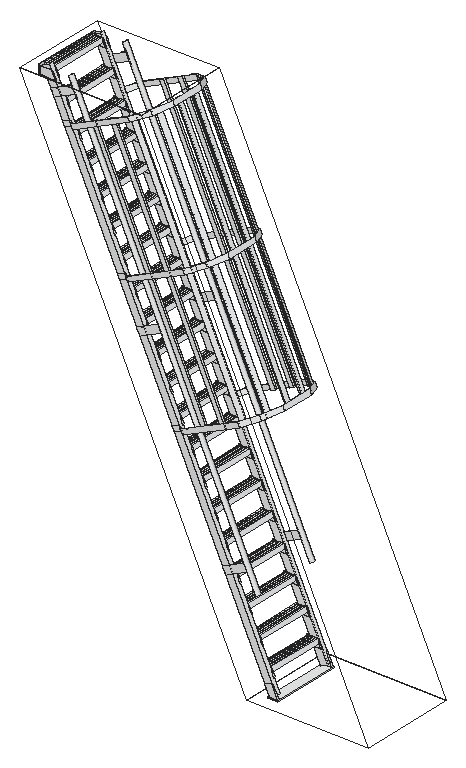
Revit family "Ladder_Step_Kattsafe", category Specialty Equipment, Revit 2025
Family settings
  Round Connector Dimension = Use Diameter
  Part Type = Normal
  OmniClass Number = 23.17.23.15
  Work Plane-Based = No
  Enable Cutting in Views = No
  Always vertical = Yes
  Cut with Voids When Loaded = No
  Maintain Annotation Orientation = No
  Shared = No
  Room Calculation Point = No
Parameters (values of type "5.0m Height (ST570M.5000)")
  Uniclass2015Version = "Products v1.23"
  Uniclass2015Title = "Step-over ladders"
  Uniclass2015Code = "Pr_25_30_85_85"
  URL = "https://kattsafe.com.au/"
  Type IFC Predefined Type = "USERDEFINED"
  Type Comments = "Modular Step Ladder - No Platform - 5000mm Height"
  TreadCountValid [instance] = if(DesiredLadderHeight < 600 mm, 2, ManufacturerOverallHeight / DesiredStepHeightValid)  # 20
  StileInternalWidth = 609 mm  # constant formula
  ShowLockableDoorValid [instance] = and(ShowLockableDoor, ManufacturerOverallHeight > 2999 mm)  # no
  ShowLockableDoor [instance] = no
  ShowCageValid [instance] = and(ShowCage, not(ManufacturerOverallHeight < 3200 mm))  # yes
  ShowCage [instance] = yes
  SafetyDisclaimer [instance] = "WARNING! The correct placement of access, fall protection and facade maintenance systems is critical to ensure it is fit-for-purpose and safe for the operator to use. Did you know Kattsafe® have a dedicated team of Height Safety System Design Specialists? Kattsafe® provide one-on-one consultation and system design assistance to ensure you are meeting the stringent requirements of height safety and to give you PEACE OF MIND with your project."  # constant formula
  RequiredSpace [instance] = yes
  ModifiedIssue = 20240430
  Model = if(ManufacturerOverallHeight < 1001 mm, "ST570M.1000", if(ManufacturerOverallHeight < 2001 mm, "ST570M.2000", if(ManufacturerOverallHeight < 3001 mm, "ST570M.3000", if(ManufacturerOverallHeight < 4001 mm, "ST570M.4000", if(ManufacturerOverallHeight < 5001 mm, "ST570M.5000", "ST570M.6000")))))  # "ST570M.5000"
  MidCageLoop [instance] = and(ShowCageValid, CageLength > 1800 mm)  # yes
  Material = Aluminum_Kattsafe_Satin
  ManufacturerURLProductSpecific = "https://kattsafe.com.au/products/step-ladders/step-ladder-range/ST570M"
  ManufacturerSpecCode = Model  # "ST570M.5000"
  ManufacturerOverallWidth = if(1 = 1, (ManufacturerOverallHeight / tan(65.00°)) + 15 mm + 94.2 mm + 16.4 mm, 0 mm)  # 2457.138 mm
  ManufacturerOverallHeight = if(DesiredLadderHeight < 500 mm, 500 mm, if(DesiredLadderHeight > 6000 mm, 6000 mm, DesiredLadderHeight))  # 5000 mm
  ManufacturerOverallDepth [instance] = if(ShowCageValid, 896 mm, 753 mm)  # 896 mm
  ManufacturerHeightFromFFL [instance] = 0 mm
  Manufacturer = "Kattsafe®"  # constant formula
  LockableDoorTreadCount [instance] = (2215 mm / ActualStepHeight) - 1  # 8
  LockableDoorBottomOffset [instance] = if((((ActualStepHeight * LockableDoorTreadCount)) / sin(65.00°)) - 2176 mm + 1.3 mm < 0 mm, ((ActualStepHeight * (LockableDoorTreadCount + 1)) / sin(65.00°)) - 2176 mm + 1.3 mm, (((ActualStepHeight * LockableDoorTreadCount)) / sin(65.00°)) - 2176 mm + 1.3 mm)  # 32.056 mm
  IfcExportType = "USERDEFINED"
  IfcExportAs = "IfcBuildingElementProxy"
  HandrailTopOffset = if(ManufacturerOverallHeight > 599 mm, 110 mm, 50 mm)  # 110 mm
  HandrailLength = if((ManufacturerOverallHeight / sin(65.00°)) - 110 mm - ((900 mm / sin(65.00°))) + (259.5 mm / tan(65.00°)) < 600 mm, 600 mm, (ManufacturerOverallHeight / sin(65.00°)) - 110 mm - (900 mm / sin(65.00°)) + (259.5 mm / tan(65.00°)))  # 4534.856 mm
  Export Type to IFC As = "IfcBuildingElementProxy"
  ElementType = "Ladder"
  DesiredStepHeight [instance] = 250 mm
  DesiredLadderHeight = 5000 mm
  Description = "Kattsafe steps provide safe and easy access to varying heights including roof areas, service platforms and other elevated areas where frequent access is required. Manufactured to Australian Standard AS/NZS 1657:2018 which ensures a high level of safety and confidence for maintenance personnel. Available in single and double configurations"  # constant formula
  Default Elevation = 0 mm
  CreatedByURL = "https://igsgroup.com.au"
  CreatedBy = "IGS BIM Solutions"  # constant formula
  CageLength = if((ManufacturerOverallHeight / sin(65.00°)) - 490 mm - (2100 mm / sin(65.00°)) < 100 mm, 100 mm, (ManufacturerOverallHeight / sin(65.00°)) - 490 mm - (2100 mm / sin(65.00°)))  # 2709.796 mm
  BottomTreadRightOffset [instance] = (ActualStepHeight - 6 mm) / tan(65.00°)  # 113.779 mm
  DesiredStepHeightValid [instance] = if(DesiredStepHeight < 200 mm, 200 mm, if(DesiredStepHeight > 300 mm, 300 mm, DesiredStepHeight))  # 250 mm
  Assembly Code = "E1090100"
  AngledHandrailLengthValid = (HandrailLength * cos(65.00°)) + 33 mm  # 1949.513 mm
  ActualStepHeight [instance] = if(ManufacturerOverallHeight / TreadCountValid < 200 mm, 200 mm, if(ManufacturerOverallHeight / TreadCountValid > 300 mm, 300 mm, ManufacturerOverallHeight / TreadCountValid))  # 250 mm
Reference planes
  plane 1 "Center (Front/Back)": y = 0
  plane 2 "Ref. Level": z = 0
  plane 3 "Center (Left/Right)": x = 928.569
  plane 4 "Back": y = 448
  plane 5 "Front": y = -448
  plane 6 "Right": x = 2157.138
  plane 7 "Left": x = -300
  plane 8 "Bottom": z = 0
  plane 9 "Centre (Elevation)": z = 2500
  plane 10 "Top": z = 5000
  plane 11 "BasePlateLeft": x = 2057.138
  plane 12 "BasePlateFront": y = -358
  plane 13 "BasePlateBack": y = 358
  plane 14 "BasePlateTop": z = 6
  plane 15 "BaseTabBack": y = 350
  plane 16 "BackStileExternal": y = 344
  plane 17 "BaseTabFront": y = -350
  plane 18 "FrontStileExternal": y = -344
  plane 19 "StileLeft": x = 2062.968
  plane 20 "StileRight": x = 2151.238
  plane 21 "BottomTreadTop": z = 250
  plane 22 "BottomTreadRight": x = 2037.459
  plane 23 "TopTreadRight": x = -177.5
  plane 24 "TopOffset": z = 4986
  plane 25 "CageFrameOffset": z = 4906
  plane 26 "CageFrameMaskReference": z = 4900
  plane 27 "HandrailBack": y = 347
  plane 28 "HandrailFront": y = -347
  plane 29 "StileBackTop": x = -265.772
  plane 30 "ClearanceBack": y = 498
  plane 31 "ClearanceFront": y = -498
  plane 32 "LockableDoorMask": z = 4800
  plane 33 "CageFrameMask": z = 4900
  plane 34 "CageMaskHoop1": z = 4910
  plane 35 "CageMaskHoop2": z = 4920
  plane 36 "CageMaskHoop3": z = 4930
Forms (mm)
  Extrusion 1, solid, material "Aluminum_Kattsafe_Satin" <- "Material"
    sketch origin (0, 0, 0) x (1, 0, 0) y (0, 1, 0)
      loop
        line (2057.138, 358) -> (2057.138, -358) -> (2157.138, -358) -> (2157.138, 358) -> (2057.138, 358)
    from 0 to 6
  Extrusion 2, solid, material "Aluminum_Kattsafe_Satin" <- "Material"
    sketch origin (0, 0, 0) x (1, 0, 0) y (0, 0, 1)
      loop
        line (2151.238, 6) -> (2087.846, 141.946) -> (2015.341, 108.137) -> (2062.968, 6) -> (2151.238, 6)
    from 344 to 350
  Extrusion 3, solid, material "Aluminum_Kattsafe_Satin" <- "Material"
    sketch origin (0, 460, 0) x (1, 0, 0) y (0, 0, 1)
      loop
        line (2151.238, 6) -> (2087.846, 141.946) -> (2015.341, 108.137) -> (2062.968, 6) -> (2151.238, 6)
    from 110 to 116
  Sweep 4, solid, material "Aluminum_Kattsafe_Satin" <- "Material"
    path origin (251.435, 0, -161.625) x (1, 0, 0) y (0, 0, 1)
      loop
        line (1811.533, 167.625) -> (-517.208, 5161.625)
    profile origin (898.598, 0, 2503) x (-0.906308, 0, -0.422618) y (0, -1, 0)
      loop
        line (-80, 304.5) -> (0, 304.5) -> (0, 343) -> (-80, 343) -> (-80, 304.5)
  Sweep 5, solid, material "Aluminum_Kattsafe_Satin" <- "Material"
    path origin (251.435, 0, -161.625) x (1, 0, 0) y (0, 0, 1)
      loop
        line (1811.533, 167.625) -> (-517.208, 5161.625)
    profile origin (898.598, 0, 2503) x (-0.906308, 0, -0.422618) y (0, -1, 0)
      loop
        line (-80, -343) -> (0, -343) -> (0, -304.5) -> (-80, -304.5) -> (-80, -343)
  Extrusion 6, solid, material "Aluminum_Kattsafe_Satin" <- "Material"
    sketch origin (0, 0, 0) x (1, 0, 0) y (0, 0, 1)
      loop
        line (-300, 5000) -> (-300, 4900) -> (-250, 4900) -> (-250, 4906) -> (-294, 4906) -> (-294, 5000) -> (-300, 5000)
    from -350 to 350
  Extrusion 7, solid, material "Aluminum_Kattsafe_Satin" <- "Material"
    sketch origin (0, 0, 0) x (1, 0, 0) y (0, 0, 1)
      loop
        line (-133.669, 4906) -> (-170.974, 4986) -> (-294, 4986) -> (-294, 4906) -> (-133.669, 4906)
    from 344 to 350
  Extrusion 8, solid, material "Aluminum_Kattsafe_Satin" <- "Material"
    sketch origin (0, 0, 0) x (1, 0, 0) y (0, 0, -1)
      loop
        line (-133.669, -4906) -> (-294, -4906) -> (-294, -4986) -> (-170.974, -4986) -> (-133.669, -4906)
    from 344 to 350
  Extrusion 9, solid, material "RequiredSpace_Kattsafe", visible <- "RequiredSpace"
    sketch origin (0, 0, 0) x (1, 0, 0) y (0, 0, 1)
      loop
        line (1954.038, 0) -> (3202.245, 0) -> (870.707, 5000) -> (-377.5, 5000) -> (1954.038, 0)
    from -498 to 498
Lines and regions (mm)
  Masking region 1
    outline origin (0, 0, 6) x (0, -1, 0) y (1, 0, 0)
      loop
        line (-343, -265.772) -> (-304.5, -265.772) -> (-304.5, 2135.473) -> (-343, 2135.473) -> (-343, -265.772)
      loop
        line (304.5, -265.772) -> (343, -265.772) -> (343, 2135.473) -> (304.5, 2135.473) -> (304.5, -265.772)
  Masking region 2
    outline origin (0, 0, 0) x (0, -1, 0) y (1, 0, 0)
      loop
        line (-358, 2157.138) -> (-358, 2057.138) -> (358, 2057.138) -> (358, 2157.138) -> (-358, 2157.138)
  Masking region 3, detail levels medium+fine
    outline origin (0, 0, 6) x (0, -1, 0) y (1, 0, 0)
      loop
        line (350, 2015.341) -> (350, 2151.238) -> (344, 2151.238) -> (344, 2015.341) -> (350, 2015.341)
      loop
        line (-350, 2151.238) -> (-350, 2015.341) -> (-344, 2015.341) -> (-344, 2151.238) -> (-350, 2151.238)
  Masking region 4, visible <- "ShowLockableDoorValid"
    outline origin (0, 0, 4800) x (0, -1, 0) y (1, 0, 0)
      loop
        line (300, 1190.152) -> (300, 2175.483) -> (-300, 2175.483) -> (-300, 1190.152) -> (300, 1190.152)
  Masking region 5
    outline origin (0, 0, 0) x (0, -1, 0) y (1, 0, 0)
      loop
        line (-350, -300) -> (350, -300) -> (350, -133.669) -> (344, -133.669) -> (344, -250) -> (-344, -250) -> (-344, -133.669) -> (-350, -133.669) -> (-350, -300)
  Masking region 6
    outline origin (0, 0, 250) x (-1, 0, 0) y (0, -1, 0)
      loop
        line (-15.902, -369.5) -> (-15.902, -350) -> (176.103, -350) -> (176.103, -344) -> (-15.902, -344) -> (-15.902, -324.5) -> (-1965.416, -324.5) -> (-1965.416, -369.5) -> (-15.902, -369.5)
      loop
        line (176.103, 350) -> (-15.902, 350) -> (-15.902, 369.49) -> (-1965.416, 369.49) -> (-1965.416, 324.51) -> (-15.902, 324.51) -> (-15.902, 344) -> (176.103, 344) -> (176.103, 350)
  Masking region 7, visible <- "ShowCageValid"
    outline origin (0, 0, 4910) x (0, -1, 0) y (1, 0, 0)
      loop
        line (-448, 1229.054) -> (-369.5, 1155.034) -> (-369.5, 1184.012) -> (-442, 1252.374) -> (-442, 1813.461) -> (-343.602, 1963.18) -> (-171.407, 2052.358) -> (171.407, 2052.358) -> (343.602, 1963.18) -> (442, 1813.461) -> (442, 1252.374) -> (369.49, 1184.003) -> (369.49, 1155.025) -> (448, 1229.054) -> (448, 1836.036) -> (348, 1988.296) -> (173, 2078.927) -> (-173, 2078.927) -> (-348, 1988.296) -> (-448, 1836.036) -> (-448, 1229.054)
  Masking region 8, visible <- "ShowCageValid"
    outline origin (0, 0, 4930) x (0, -1, 0) y (1, 0, 0)
      loop
        line (-448, 104.975) -> (-369.5, 30.956) -> (-369.5, 59.934) -> (-442, 128.296) -> (-442, 689.383) -> (-343.602, 839.101) -> (-171.407, 928.28) -> (171.407, 928.28) -> (343.602, 839.101) -> (442, 689.383) -> (442, 128.296) -> (369.49, 59.924) -> (369.49, 30.946) -> (448, 104.975) -> (448, 711.958) -> (348, 864.218) -> (173, 954.849) -> (-173, 954.849) -> (-348, 864.218) -> (-448, 711.958) -> (-448, 104.975)
  Masking region 9, visible <- "ShowCageValid"
    outline origin (0, 0, 4900) x (0, -1, 0) y (1, 0, 0)
      loop
        line (-122.5, 2052.358) -> (-122.5, 917.404) -> (-72.5, 917.404) -> (-72.5, 2052.358) -> (-122.5, 2052.358)
      loop
        line (72.5, 2052.358) -> (72.5, 917.404) -> (122.5, 917.404) -> (122.5, 2052.358) -> (72.5, 2052.358)
  Masking region 10, visible <- "MidCageLoop"
    outline origin (0, 0, 4920) x (0, -1, 0) y (1, 0, 0)
      loop
        line (-448, 1273.997) -> (-448, 667.014) -> (-369.5, 592.995) -> (-369.5, 621.973) -> (-442, 690.335) -> (-442, 1251.422) -> (-343.602, 1401.14) -> (-171.407, 1490.319) -> (171.407, 1490.319) -> (343.602, 1401.14) -> (442, 1251.422) -> (442, 690.335) -> (369.49, 621.964) -> (369.49, 592.986) -> (448, 667.014) -> (448, 1273.997) -> (348, 1426.257) -> (173, 1516.888) -> (-173, 1516.888) -> (-348, 1426.257) -> (-448, 1273.997)
  reference lines
    curve 1: line (-265.772, 0, 5000) -> (2062.968, 0, 6)
    curve 2: line (2157.138, 0, 0) -> (2193.391, 0, 16.905)
  symbolic lines, style "Required Space", visible <- "RequiredSpace"
    curve 3: line (-377.5, 0, 5000) -> (1954.038, 0, 0)
    curve 4: line (870.707, 0, 5000) -> (-377.5, 0, 5000)
    curve 5: line (3202.245, 0, 0) -> (870.707, 0, 5000)
    curve 6: line (3202.245, 0, 0) -> (1954.038, 0, 0)
    curve 7: line (928.569, 498, 0) -> (928.569, 498, 5000)
    curve 8: line (928.569, -498, 5000) -> (928.569, -498, 0)
    curve 9: line (928.569, -498, 0) -> (928.569, 498, 0)
    curve 10: line (928.569, -498, 5000) -> (928.569, 498, 5000)
    curve 11: line (3202.245, 498, 0) -> (-300, 498, 0)
    curve 12: line (3202.245, 498, 0) -> (3202.245, -498, 0)
    curve 13: line (3202.245, -498, 0) -> (-300, -498, 0)
    curve 14: line (-300, -498, 0) -> (-300, 498, 0)
  symbolic lines, style "Ladders"
    curve 15: line (-193.268, 304.5, 6) -> (-193.268, 343, 6)
    curve 16: line (-193.268, -343, 6) -> (-193.268, -304.5, 6)
    curve 18: line (-294, -350, 0) -> (-294, 350, 0)
    curve 19: line (-250, -344, 0) -> (-294, -344, 0)
    curve 20: line (-294, 344, 0) -> (-250, 344, 0)
    curve 21: line (15.902, -344, 250) -> (15.902, -350, 250)
    curve 22: line (15.902, 350, 250) -> (15.902, 344, 250)
  symbolic lines, style "Ladders", visible <- "ShowLockableDoorValid"
    curve 17: line (1224.591, 300, 4800) -> (1224.591, -300, 4800)
Text (mm)
  text "Disclaimer:\nDue to ongoing product development and manufacturing \nevolution, product details are subject to change without \nnotice. Please refer to product technical data sheets on \nthe manufacturers website for the most current product \ninformation. Please allow a +/- 5mm manufacturing \ntolerance for dimensions and set-outs shown in product \nliterature." at (3135.76, 124.863, 0), in view "Ref. Level"
Dimensions and locks
  equal spacing: plane 7 "Left", plane 3 "Center (Left/Right)", plane 6 "Right"
  "ManufacturerOverallWidth": plane 7 "Left" to plane 6 "Right"
  equal spacing: plane 5 "Front", plane 1 "Center (Front/Back)", plane 4 "Back"
  "ManufacturerOverallDepth": plane 5 "Front" to plane 4 "Back"
  equal spacing: plane 10 "Top", plane 9 "Centre (Elevation)", plane 8 "Bottom"
  "ManufacturerOverallHeight": plane 10 "Top" to plane 8 "Bottom"
  "ManufacturerHeightFromFFL": plane 8 "Bottom" to plane 2 "Ref. Level"
  equal spacing: plane 13 "BasePlateBack", plane 1 "Center (Front/Back)", plane 12 "BasePlateFront"
  locked: plane 13 "BasePlateBack" to plane 12 "BasePlateFront" at 716
  locked: plane 14 "BasePlateTop" to plane 8 "Bottom" at 6
  locked: plane 11 "BasePlateLeft" to plane 6 "Right" at 100
  locked: plane 17 "BaseTabFront" to plane 12 "BasePlateFront" at 8
  locked: plane 18 "FrontStileExternal" to plane 17 "BaseTabFront" at 6
  locked: plane 13 "BasePlateBack" to plane 15 "BaseTabBack" at 8
  locked: plane 15 "BaseTabBack" to plane 16 "BackStileExternal" at 6
  locked: plane 11 "BasePlateLeft" to plane 19 "StileLeft" at 5.83
  locked: plane 6 "Right" to plane 20 "StileRight" at 5.9
  equal spacing: group 2, group 20, group 19, group 18, group 17, group 16, group 15, group 14, group 13, group 12, group 11, group 10, group 9, group 8, group 7, group 6, group 5, group 4, group 3, group 1
  equal spacing: group 1, group 3, group 4, group 5, group 6, group 7, group 8, group 9, group 10, group 11, group 12, group 13, group 14, group 15, group 16, group 17, group 18, group 19, group 20, group 2  (x2)
  "ActualStepHeight": plane 21 "BottomTreadTop" to plane 8 "Bottom"
  "BottomTreadRightOffset": plane 20 "StileRight" to plane 22 "BottomTreadRight"
  Extrusion 6 sketch curve to Extrusion 6 sketch curve to plane 7 "Left" = 44 mm locked, 6 mm locked
  locked: plane 23 "TopTreadRight" to plane 7 "Left" at 122.5
  plane 10 "Top" to plane 24 "TopOffset" to plane 25 "CageFrameOffset" to plane 26 "CageFrameMaskReference" = 14 mm locked, 80 mm locked, 6 mm locked
  locked: Extrusion 7 sketch curve to plane 7 "Left" at 6
  locked: Extrusion 8 sketch curve to plane 7 "Left" at 6
  locked: plane 18 "FrontStileExternal" to plane 28 "HandrailFront" at 3
  locked: plane 27 "HandrailBack" to plane 16 "BackStileExternal" at 3
  locked: plane 29 "StileBackTop" to plane 7 "Left" at 34.228
  locked: plane 4 "Back" to plane 30 "ClearanceBack" at 50
  locked: plane 31 "ClearanceFront" to plane 5 "Front" at 50
  locked: curve 1 to Extrusion 9 sketch curve at 101.26
  locked: curve 1 to Extrusion 9 sketch curve at 1030
  locked: Sweep 4 to nested 5 at 490
  "HandrailTopOffset": Sweep 4 to nested 3
  "LockableDoorBottomOffset": nested 6 to curve 2
  locked: curve 2 to curve 2 at 40
  "HandrailTopOffset": Sweep 4 to nested 4
  "AngledHandrailLengthValid": Masking region 6 sketch curve to Masking region 6 sketch curve  (x2)
  Masking region 6 sketch curve to plane 28 "HandrailFront" to Masking region 6 sketch curve = 22.49 mm locked, 22.49 mm locked
  Masking region 6 sketch curve to plane 27 "HandrailBack" to Masking region 6 sketch curve = 22.5 mm locked, 22.5 mm locked
  locked: plane 33 "CageFrameMask" to plane 32 "LockableDoorMask" at 100
  locked: plane 10 "Top" to plane 33 "CageFrameMask" at 100
  plane 36 "CageMaskHoop3" to plane 35 "CageMaskHoop2" to plane 34 "CageMaskHoop1" to plane 33 "CageFrameMask" = 10 mm locked, 10 mm locked, 10 mm locked
  locked: Extrusion 2 sketch curve to plane 14 "BasePlateTop" (angle 65.00°)  (x2)
  locked: Extrusion 3 sketch curve to plane 14 "BasePlateTop" (angle 65.00°)  (x2)
  locked: Sweep 5 sketch curve to plane 14 "BasePlateTop" (angle 65.00°)
  locked: Sweep 4 sketch curve to plane 14 "BasePlateTop" (angle 65.00°)
  locked: curve 2 to plane 6 "Right" (angle 65.00°)
  aligned and locked: level to plane 2 "Ref. Level"
  aligned and locked: Extrusion 1 sketch curve to plane 6 "Right"
  aligned and locked: plane 11 "BasePlateLeft" to Extrusion 1 sketch curve
  aligned and locked: plane 13 "BasePlateBack" to Extrusion 1 sketch curve
  aligned and locked: Extrusion 1 sketch curve to plane 12 "BasePlateFront"
  aligned and locked: Extrusion 1 to plane 14 "BasePlateTop"
  aligned and locked: plane 8 "Bottom" to Extrusion 1
  aligned and locked: Extrusion 2 sketch curve to plane 14 "BasePlateTop"
  aligned and locked: Extrusion 3 to plane 15 "BaseTabBack"
  aligned and locked: plane 16 "BackStileExternal" to Extrusion 3
  aligned and locked: plane 17 "BaseTabFront" to Extrusion 2
  aligned and locked: Extrusion 2 to plane 18 "FrontStileExternal"
  aligned and locked: Extrusion 3 sketch curve to plane 14 "BasePlateTop"
  aligned and locked: Extrusion 2 sketch curve to Extrusion 3
  aligned and locked: plane 19 "StileLeft" to Sweep 4 sketch curve
  aligned and locked: plane 14 "BasePlateTop" to Sweep 4 sketch curve
  aligned and locked: plane 14 "BasePlateTop" to Sweep 5 sketch curve
  aligned and locked: plane 19 "StileLeft" to Sweep 5 sketch curve
  aligned and locked: nested 1 to plane 21 "BottomTreadTop"
  aligned and locked: nested 1 to plane 22 "BottomTreadRight"
  aligned and locked: nested 2 to plane 10 "Top"
  aligned and locked: plane 23 "TopTreadRight" to nested 2
  aligned and locked: plane 10 "Top" to Sweep 4 sketch curve
  aligned and locked: plane 10 "Top" to Sweep 5 sketch curve
  aligned and locked: plane 10 "Top" to Extrusion 6 sketch curve
  aligned and locked: plane 7 "Left" to Extrusion 6 sketch curve
  aligned and locked: plane 15 "BaseTabBack" to Extrusion 6
  aligned and locked: Extrusion 6 to plane 17 "BaseTabFront"
  aligned and locked: Sweep 4 to Extrusion 7 sketch curve
  aligned and locked: plane 18 "FrontStileExternal" to Extrusion 7
  aligned and locked: Extrusion 7 to plane 17 "BaseTabFront"
  aligned and locked: Extrusion 6 sketch curve to plane 25 "CageFrameOffset"
  aligned and locked: Extrusion 6 sketch curve to plane 26 "CageFrameMaskReference"
  aligned and locked: Extrusion 7 sketch curve to plane 24 "TopOffset"
  aligned and locked: Extrusion 7 sketch curve to plane 25 "CageFrameOffset"
  aligned and locked: Extrusion 8 sketch curve to plane 25 "CageFrameOffset"
  aligned and locked: Extrusion 8 sketch curve to plane 24 "TopOffset"
  aligned and locked: Extrusion 8 to plane 16 "BackStileExternal"
  aligned and locked: plane 15 "BaseTabBack" to Extrusion 8
  aligned and locked: plane 29 "StileBackTop" to curve 1
  aligned and locked: plane 10 "Top" to curve 1
  aligned and locked: plane 19 "StileLeft" to curve 1
  aligned and locked: plane 14 "BasePlateTop" to curve 1
  aligned and locked: nested 4 to plane 27 "HandrailBack"
  aligned and locked: nested 3 to plane 28 "HandrailFront"
  aligned and locked: nested 4 to curve 1
  aligned and locked: nested 3 to curve 1
  aligned and locked: Extrusion 9 sketch curve to plane 8 "Bottom"
  aligned and locked: Extrusion 9 to plane 30 "ClearanceBack"
  aligned and locked: plane 31 "ClearanceFront" to Extrusion 9
  aligned and locked: plane 1 "Center (Front/Back)" to nested 5
  aligned and locked: nested 5 to curve 1
  aligned and locked: plane 1 "Center (Front/Back)" to nested 6
  aligned and locked: plane 8 "Bottom" to curve 2
  aligned and locked: plane 6 "Right" to curve 2
  aligned and locked: curve 3 to Extrusion 9
  aligned and locked: curve 4 to plane 10 "Top"
  aligned and locked: curve 5 to Extrusion 9
  aligned and locked: curve 6 to plane 8 "Bottom"
  aligned and locked: curve 7 to Extrusion 9
  aligned and locked: curve 8 to Extrusion 9
  aligned and locked: plane 8 "Bottom" to curve 9
  aligned and locked: plane 10 "Top" to curve 10
  aligned and locked: curve 12 to Extrusion 9
  aligned and locked: curve 13 to plane 31 "ClearanceFront"
  aligned and locked: Masking region 1 sketch curve to Sweep 5  (x4)
  aligned and locked: Masking region 1 sketch curve to Sweep 4  (x4)
  aligned and locked: curve 15 to Sweep 5
  aligned and locked: curve 16 to Sweep 4
  aligned and locked: Masking region 2 sketch curve to plane 6 "Right"
  aligned and locked: Masking region 2 sketch curve to plane 11 "BasePlateLeft"
  aligned and locked: Masking region 2 sketch curve to Extrusion 1  (x2)
  aligned and locked: Masking region 3 sketch curve to Extrusion 2  (x3)
  aligned and locked: Masking region 3 sketch curve to plane 20 "StileRight"  (x2)
  aligned and locked: Masking region 3 sketch curve to Extrusion 3  (x3)
  aligned and locked: Masking region 4 sketch curve to nested 6  (x2)
  aligned and locked: nested 6 to Masking region 4 sketch curve  (x2)
  aligned and locked: curve 17 to nested 6
  aligned and locked: Masking region 5 sketch curve to plane 7 "Left"
  aligned and locked: Masking region 5 sketch curve to Extrusion 8  (x2)
  aligned and locked: Extrusion 6 to Masking region 5 sketch curve
  aligned and locked: Extrusion 8 to Masking region 5 sketch curve
  aligned and locked: Masking region 5 sketch curve to Extrusion 7  (x3)
  aligned and locked: curve 18 to Extrusion 6
  aligned and locked: Extrusion 7 to curve 19
  aligned and locked: curve 20 to Extrusion 8
  aligned and locked: Extrusion 6 to curve 19
  aligned and locked: Extrusion 6 to curve 20
  aligned and locked: nested 4 to Masking region 6 sketch curve  (x3)
  aligned and locked: nested 3 to Masking region 6 sketch curve  (x3)
  aligned and locked: Masking region 6 sketch curve to nested 4
  aligned and locked: Masking region 6 sketch curve to nested 3
  aligned and locked: Masking region 7 sketch curve to nested 5  (x14)
  aligned and locked: nested 5 to Masking region 7 sketch curve  (x4)
  aligned and locked: Masking region 6 to Masking region 7 sketch curve  (x2)
  aligned and locked: Masking region 8 sketch curve to nested 5  (x14)
  aligned and locked: nested 5 to Masking region 8 sketch curve  (x4)
  aligned and locked: Masking region 6 to Masking region 8 sketch curve  (x2)
  aligned and locked: nested 5 to Masking region 9 sketch curve  (x4)
  aligned and locked: Masking region 9 sketch curve to nested 5  (x4)
  aligned and locked: plane 7 "Left" to curve 14
  aligned and locked: nested 3 to curve 21  (x3)
  aligned and locked: nested 4 to curve 22  (x3)
  aligned and locked: Masking region 10 sketch curve to nested 5  (x14)
  aligned and locked: nested 5 to Masking region 10 sketch curve  (x4)
  aligned and locked: Masking region 10 sketch curve to Masking region 7
  aligned and locked: Masking region 7 to Masking region 10 sketch curve
Automatic sketch dimensions
  Extrusion 2 sketch curve to plane 19 "StileLeft" = 0 mm
  Extrusion 2 sketch curve to plane 20 "StileRight" = 0 mm
  Extrusion 3 sketch curve to plane 19 "StileLeft" = 0 mm
  Extrusion 3 sketch curve to plane 20 "StileRight" = 0 mm
  Extrusion 3 sketch curve to plane 22 "BottomTreadRight" = 22.118 mm
  Sweep 4 sketch curve to profile plane = 0 mm
  profile plane to Sweep 4 sketch curve = 80 mm
  profile plane to Sweep 4 sketch curve = 304.5 mm
  Sweep 4 sketch curve to Sweep 4 sketch curve = 38.5 mm
  Sweep 5 sketch curve to profile plane = 0 mm
  profile plane to Sweep 5 sketch curve = 80 mm
  Sweep 5 sketch curve to profile plane = 343 mm
  Sweep 5 sketch curve to Sweep 5 sketch curve = 38.5 mm
  plane 23 "TopTreadRight" to Extrusion 8 sketch curve = 6.526 mm
  plane 23 "TopTreadRight" to Extrusion 8 sketch curve = 43.831 mm
  Extrusion 9 sketch curve to plane 10 "Top" = 0 mm
  curve 15 to plane 16 "BackStileExternal" = 1 mm
  curve 15 to curve 15 = 38.5 mm
  plane 18 "FrontStileExternal" to curve 16 = 39.5 mm
  plane 18 "FrontStileExternal" to curve 16 = 1 mm
  curve 18 to plane 15 "BaseTabBack" = 0 mm
  curve 19 to plane 18 "FrontStileExternal" = 0 mm
  curve 18 to plane 17 "BaseTabFront" = 0 mm
  curve 17 to plane 16 "BackStileExternal" = 44 mm
  plane 18 "FrontStileExternal" to curve 17 = 44 mm
  plane 30 "ClearanceBack" to curve 11 = 0 mm
  plane 23 "TopTreadRight" to Masking region 6 sketch curve = 1.397 mm  (x2)
Nested families
  nested 1: "Z_Ladder_Kattsafe_Tread" at (2037.459, 0, 250), type "Type 1"
  nested 2: "Z_Ladder_Kattsafe_Tread" at (-177.5, 0, 5000), type "Type 1"
  nested 3: "Z_Ladder_Kattsafe_Handrail" at (-219.284, -347, 4900.306) x (0.4226, 0, -0.9063) z (0.9063, 0, 0.4226), type "Type 1"
    with HandrailBracket3 yes
  nested 4: "Z_Ladder_Kattsafe_Handrail" at (-219.284, 347, 4900.306) x (0.4226, 0, -0.9063) z (0.9063, 0, 0.4226), type "Type 1"
    with HandrailBracket3 yes
  nested 5: "Z_Ladder_Kattsafe_Cage" at (-58.689, 0, 4555.909) x (0.4226, 0, -0.9063) z (0.9063, 0, 0.4226), visible <- "ShowCageValid", type "Type 1"
    with HostOffset 0 mm, CageLoop3 yes
  nested 6: "Z_Ladder_Kattsafe_Lockabledoor" at (1117.647, 0, 2033.247) x (0.4226, 0, -0.9063) z (0.9063, 0, 0.4226), visible <- "ShowLockableDoorValid", type "Type 1"
    with HostOffset 80 mm
  nested 7: "Z_Ladder_Kattsafe_Tread" at (1920.882, 0, 500), type "Type 1"
  nested 8: "Z_Ladder_Kattsafe_Tread" at (1804.306, 0, 750), type "Type 1"
  nested 9: "Z_Ladder_Kattsafe_Tread" at (1687.729, 0, 1000), type "Type 1"
  nested 10: "Z_Ladder_Kattsafe_Tread" at (1571.152, 0, 1250), type "Type 1"
  nested 11: "Z_Ladder_Kattsafe_Tread" at (1454.575, 0, 1500), type "Type 1"
  nested 12: "Z_Ladder_Kattsafe_Tread" at (1337.998, 0, 1750), type "Type 1"
  nested 13: "Z_Ladder_Kattsafe_Tread" at (1221.422, 0, 2000), type "Type 1"
  nested 14: "Z_Ladder_Kattsafe_Tread" at (1104.845, 0, 2250), type "Type 1"
  nested 15: "Z_Ladder_Kattsafe_Tread" at (988.268, 0, 2500), type "Type 1"
  nested 16: "Z_Ladder_Kattsafe_Tread" at (871.691, 0, 2750), type "Type 1"
  nested 17: "Z_Ladder_Kattsafe_Tread" at (755.114, 0, 3000), type "Type 1"
  nested 18: "Z_Ladder_Kattsafe_Tread" at (638.538, 0, 3250), type "Type 1"
  nested 19: "Z_Ladder_Kattsafe_Tread" at (521.961, 0, 3500), type "Type 1"
  nested 20: "Z_Ladder_Kattsafe_Tread" at (405.384, 0, 3750), type "Type 1"
  nested 21: "Z_Ladder_Kattsafe_Tread" at (288.807, 0, 4000), type "Type 1"
  nested 22: "Z_Ladder_Kattsafe_Tread" at (172.23, 0, 4250), type "Type 1"
  nested 23: "Z_Ladder_Kattsafe_Tread" at (55.654, 0, 4500), type "Type 1"
  nested 24: "Z_Ladder_Kattsafe_Tread" at (-60.923, 0, 4750), type "Type 1"
Definition of nested family "Z_Ladder_Kattsafe_Tread"
  Parameters (values of type "Type 1")
    Width = 609 mm
    URL = "https://kattsafe.com.au/"
    Material = none
    Manufacturer = "SAYFA"  # constant formula
    Default Elevation = 0 mm
    CreatedByURL = "https://igsgroup.com.au"
    CreatedBy = "IGS BIM Solutions"  # constant formula
  Reference planes
    plane 1 "Center (Front/Back)": y = 0
    plane 2: z = 0
    plane 3 "Center (Left/Right)": x = 0
    plane 4: y = 304.5
    plane 5: y = -304.5
    plane 6: y = 298.5
    plane 7: y = -298.5
  Forms (mm)
    Extrusion 1, solid, material <- "Material"
      sketch origin (120.882, 38.629, -174.573) x (-1, 0, 0) y (0, 0, 1)
        loop
          line (206.375, 136.673) -> (224.048, 174.573) -> (203.786, 174.573) -> (203.448, 173.848) -> (203.11, 174.573) -> (183.186, 174.573) -> (182.848, 173.848) -> (182.51, 174.573) -> (162.586, 174.573) -> (162.248, 173.848) -> (161.91, 174.573) -> (141.986, 174.573) -> (141.648, 173.848) -> (141.31, 174.573) -> (120.882, 174.573) -> (103.209, 136.673) -> (105.416, 136.673) -> (121.69, 171.573) -> (220.442, 171.573) -> (204.168, 136.673) -> (206.375, 136.673)
      from -337.129 to 259.871
    Extrusion 2, solid, material <- "Material"
      sketch origin (17.673, 0, 0) x (1, 0, 0) y (0, 0, 1)
        loop
          line (-90.706, -80) -> (19.632, -80) -> (-17.673, 0) -> (-128.011, 0) -> (-90.706, -80)
      from 298.5 to 304.5
    Extrusion 3, solid, material <- "Material"
      sketch origin (17.673, 0, 0) x (1, 0, 0) y (0, 0, -1)
        loop
          line (-90.706, 80) -> (-128.011, 0) -> (-17.673, 0) -> (19.632, 80) -> (-90.706, 80)
      from 298.5 to 304.5
  Lines and regions (mm)
    Masking region 1
      outline origin (0, 0, 0) x (1, 0, 0) y (0, 1, 0)
        loop
          line (17.673, 298.5) -> (37.305, 298.5) -> (37.305, 304.5) -> (-110.338, 304.5) -> (-110.338, 298.5) -> (-103.166, 298.5) -> (-103.166, -298.5) -> (-110.338, -298.5) -> (-110.338, -304.5) -> (37.305, -304.5) -> (37.305, -298.5) -> (17.673, -298.5) -> (17.673, 298.5)
    symbolic lines
      curve 1: line (-103.166, 298.5, 0) -> (17.673, 298.5, 0)
      curve 2: line (-103.166, -298.5, 0) -> (17.673, -298.5, 0)
  Dimensions and locks
    equal spacing: plane 4, plane 1 "Center (Front/Back)", plane 5
    "Width": plane 4 to plane 5
    locked: plane 7 to plane 5 at 6
    locked: plane 4 to plane 6 at 6
    aligned and locked: level to plane 2
    aligned and locked: Extrusion 1 sketch curve to Extrusion 1 sketch curve  (x5)
    aligned and locked: Masking region 1 sketch curve to plane 6  (x2)
    aligned and locked: Masking region 1 sketch curve to Extrusion 1
    aligned and locked: Masking region 1 sketch curve to plane 4
    aligned and locked: Masking region 1 sketch curve to plane 5
    aligned and locked: Masking region 1 sketch curve to Extrusion 2  (x2)
    aligned and locked: Masking region 1 sketch curve to plane 7  (x2)
    aligned and locked: Masking region 1 sketch curve to Extrusion 3  (x2)
  Automatic sketch dimensions
    Extrusion 2 sketch curve to level = 0 mm
    Extrusion 2 sketch curve to plane 3 "Center (Left/Right)" = 0 mm
    Extrusion 2 sketch curve to plane 3 "Center (Left/Right)" = 73.033 mm
    Extrusion 2 sketch curve to Extrusion 2 sketch curve = 37.305 mm
    plane 3 "Center (Left/Right)" to Extrusion 2 sketch curve = 37.305 mm
    Extrusion 2 sketch curve to level = 80 mm
    Extrusion 3 sketch curve to level = 0 mm
    Extrusion 3 sketch curve to plane 3 "Center (Left/Right)" = 0 mm
    Extrusion 3 sketch curve to plane 3 "Center (Left/Right)" = 73.033 mm
    Extrusion 3 sketch curve to Extrusion 3 sketch curve = 37.305 mm
    plane 3 "Center (Left/Right)" to Extrusion 3 sketch curve = 37.305 mm
    Extrusion 3 sketch curve to level = 80 mm
    Extrusion 1 sketch curve to plane 3 "Center (Left/Right)" = 0 mm
    plane 3 "Center (Left/Right)" to Extrusion 1 sketch curve = 15.466 mm
    Extrusion 1 sketch curve to Extrusion 1 sketch curve = 2.207 mm  (x2)
    Extrusion 1 sketch curve to plane 3 "Center (Left/Right)" = 0.808 mm
    Extrusion 1 sketch curve to level = 0.725 mm  (x4)
    Extrusion 1 sketch curve to Extrusion 1 sketch curve = 19.958 mm
    Extrusion 1 sketch curve to Extrusion 1 sketch curve = 20.6 mm  (x3)
    Extrusion 1 sketch curve to Extrusion 1 sketch curve = 0.72 mm
    Extrusion 1 sketch curve to Extrusion 1 sketch curve = 0.676 mm  (x4)
    Extrusion 1 sketch curve to level = 3 mm
    Extrusion 1 sketch curve to Extrusion 1 sketch curve = 16.656 mm
    Extrusion 1 sketch curve to Extrusion 1 sketch curve = 3.606 mm
    Extrusion 1 sketch curve to level = 37.9 mm
    Extrusion 1 sketch curve to Extrusion 1 sketch curve = 0.338 mm  (x4)
    Extrusion 1 sketch curve to level = 0 mm  (x2)
    plane 3 "Center (Left/Right)" to Masking region 1 sketch curve = 17.673 mm
    curve 2 to plane 7 = 0 mm
    curve 1 to plane 6 = 0 mm
    curve 2 to plane 3 "Center (Left/Right)" = 103.166 mm
    curve 1 to plane 3 "Center (Left/Right)" = 103.166 mm
    plane 3 "Center (Left/Right)" to curve 2 = 17.673 mm
    plane 3 "Center (Left/Right)" to curve 1 = 17.673 mm
Definition of nested family "Z_Ladder_Kattsafe_Handrail"
  Parameters (values of type "Type 1")
    URL = "https://kattsafe.com.au/"
    TopHandrailExtension = 0 mm
    Material = none
    Manufacturer = "SAYFA"  # constant formula
    Length = 4534.856 mm
    HandrailBracket3 [instance] = (Length - (Bracket1Inset + Bracket2Inset + 220 mm)) > 2000 mm  # yes
    Default Elevation = 1219.2 mm
    CreatedByURL = "https://igsgroup.com.au"
    CreatedBy = "IGS BIM Solutions"  # constant formula
    Bracket2Inset = 200 mm
    Bracket1Inset = 90 mm
  Reference planes
    plane 1 "Center (Front/Back)": y = 0
    plane 2: z = 0
    plane 3 "Left": x = 0
    plane 4 "Right": x = 4534.856
    plane 5: z = 259.5
    plane 6: z = 3.5
    plane 7: z = 256.5
    plane 8: x = 90
    plane 9: x = 170
    plane 10: x = 4254.856
    plane 11: x = 4334.856
    plane 12: x = 2212.428
    plane 13: x = 2172.428
    plane 14: x = 2252.428
    plane 15: x = 0
    plane 16 "BracketBack": y = 16
    plane 17 "BracketFront": y = -16
    plane 18 "Bracket1Left": x = 60
    plane 19 "Bracket1Right": x = 200
    plane 20 "Bracket2Left": x = 4224.856
    plane 21 "Bracket2Right": x = 4364.856
    plane 22 "Bracket3Left": x = 2142.428
    plane 23 "Bracket3Right": x = 2282.428
  Forms (mm)
    Sweep 1, solid, material <- "Material"
      path origin (0, 0, 0) x (1, 0, 0) y (0, 0, 1)
        loop
          line (0, 259.5) -> (4534.856, 259.5)
      profile origin (2267.428, 0, 259.5) x (0, 0, 1) y (0, -1, 0)
        loop
          line (0, 17.4) -> (0, -17.4)
          arc (0, -17.4) -> (36.642, 0) -> (0, 17.4) r 22.452
    Extrusion 2, solid, material <- "Material"
      sketch origin (0, 0, 0) x (1, 0, 0) y (0, 0, 1)
        loop
          line (90, 256.5) -> (90, 9.5)
          arc (90, 9.5) -> (91.757, 5.257) -> (96, 3.5) r 6
          line (96, 3.5) -> (164, 3.5)
          arc (164, 3.5) -> (168.243, 5.257) -> (170, 9.5) r 6
          line (170, 9.5) -> (170, 256.5) -> (90, 256.5)
      from -3 to 3
    Extrusion 3, solid, material <- "Material"
      sketch origin (300, 0, 0) x (1, 0, 0) y (0, 0, 1)
        loop
          line (3954.856, 256.5) -> (3954.856, 9.5)
          arc (3954.856, 9.5) -> (3956.614, 5.257) -> (3960.856, 3.5) r 6
          line (3960.856, 3.5) -> (4028.856, 3.5)
          arc (4028.856, 3.5) -> (4033.099, 5.257) -> (4034.856, 9.5) r 6
          line (4034.856, 9.5) -> (4034.856, 256.5) -> (3954.856, 256.5)
      from -3 to 3
    Extrusion 4, solid, material <- "Material", visible <- "HandrailBracket3"
      sketch origin (-100, 0, 0) x (1, 0, 0) y (0, 0, 1)
        loop
          line (2272.428, 256.5) -> (2272.428, 9.5)
          arc (2272.428, 9.5) -> (2274.186, 5.257) -> (2278.428, 3.5) r 6
          line (2278.428, 3.5) -> (2346.428, 3.5)
          arc (2346.428, 3.5) -> (2350.671, 5.257) -> (2352.428, 9.5) r 6
          line (2352.428, 9.5) -> (2352.428, 256.5) -> (2272.428, 256.5)
      from -3 to 3
    Extrusion 5, solid, material <- "Material"
      sketch origin (0, 0, 0) x (1, 0, 0) y (0, 1, 0)
        loop
          line (60, 16) -> (60, -16) -> (200, -16) -> (200, 16) -> (60, 16)
      from 256.5 to 259.5
    Extrusion 6, solid, material <- "Material"
      sketch origin (0, 0, 0) x (1, 0, 0) y (0, 1, 0)
        loop
          line (4224.856, 16) -> (4224.856, -16) -> (4364.856, -16) -> (4364.856, 16) -> (4224.856, 16)
      from 256.5 to 259.5
    Extrusion 7, solid, material <- "Material", visible <- "HandrailBracket3"
      sketch origin (755.065, 0, 0) x (1, 0, 0) y (0, 1, 0)
        loop
          line (1387.363, 16) -> (1387.363, -16) -> (1527.363, -16) -> (1527.363, 16) -> (1387.363, 16)
      from 256.5 to 259.5
  Dimensions and locks
    "Length": plane 3 "Left" to plane 4 "Right"
    locked: plane 5 to plane 7 at 3
    locked: plane 7 to plane 6 at 253
    "TopHandrailExtension": plane 15 to plane 3 "Left"
    "Bracket1Inset": plane 3 "Left" to plane 8
    locked: plane 8 to plane 9 at 80
    plane 13 to plane 12 to plane 14 = 40 mm locked, 40 mm locked
    locked: plane 10 to plane 11 at 80
    "Bracket2Inset": plane 11 to plane 4 "Right"
    locked: plane 6 to plane 2 at 3.5
    plane 17 "BracketFront" to plane 1 "Center (Front/Back)" to plane 16 "BracketBack" = 16 mm locked, 16 mm locked
    locked: plane 18 "Bracket1Left" to plane 8 at 30
    locked: plane 9 to plane 19 "Bracket1Right" at 30
    locked: plane 11 to plane 21 "Bracket2Right" at 30
    locked: plane 20 "Bracket2Left" to plane 10 at 30
    locked: plane 22 "Bracket3Left" to plane 13 at 30
    locked: plane 14 to plane 23 "Bracket3Right" at 30
    equal spacing: plane 9, plane 12, plane 10
    radius of Extrusion 2 sketch curve = 6 mm  (x2)
    radius of Extrusion 3 sketch curve = 6 mm  (x2)
    radius of Extrusion 4 sketch curve = 6 mm  (x2)
    aligned and locked: level to plane 2
    aligned and locked: Sweep 1 sketch curve to plane 5
    aligned and locked: plane 4 "Right" to Sweep 1 sketch curve
    aligned and locked: Extrusion 2 sketch curve to plane 7
    aligned and locked: Extrusion 2 sketch curve to plane 8
    aligned and locked: Extrusion 2 sketch curve to plane 9
    aligned and locked: Extrusion 2 sketch curve to plane 6
    aligned and locked: plane 6 to Extrusion 3 sketch curve
    aligned and locked: Extrusion 3 sketch curve to plane 11
    aligned and locked: plane 7 to Extrusion 3 sketch curve
    aligned and locked: Extrusion 3 sketch curve to plane 10
    aligned and locked: Extrusion 4 sketch curve to plane 13
    aligned and locked: plane 7 to Extrusion 4 sketch curve
    aligned and locked: Extrusion 4 sketch curve to plane 14
    aligned and locked: plane 6 to Extrusion 4 sketch curve
    aligned and locked: plane 15 to Sweep 1 sketch curve
    aligned and locked: plane 5 to Extrusion 5
    aligned and locked: Extrusion 6 to plane 5
    aligned and locked: plane 7 to Extrusion 6
    aligned and locked: Extrusion 5 to plane 7
    aligned and locked: plane 5 to Extrusion 7
    aligned and locked: plane 7 to Extrusion 7
    aligned and locked: plane 16 "BracketBack" to Extrusion 5
    aligned and locked: Extrusion 7 to plane 16 "BracketBack"
    aligned and locked: Extrusion 6 to plane 16 "BracketBack"
    aligned and locked: Extrusion 5 to plane 17 "BracketFront"
    aligned and locked: plane 17 "BracketFront" to Extrusion 7
    aligned and locked: plane 17 "BracketFront" to Extrusion 6
    aligned and locked: Extrusion 5 to plane 18 "Bracket1Left"
    aligned and locked: plane 19 "Bracket1Right" to Extrusion 5
    aligned and locked: plane 21 "Bracket2Right" to Extrusion 6
    aligned and locked: Extrusion 6 to plane 20 "Bracket2Left"
    aligned and locked: plane 23 "Bracket3Right" to Extrusion 7
    aligned and locked: Extrusion 7 to plane 22 "Bracket3Left"
  Automatic sketch dimensions
    profile plane to Sweep 1 sketch curve = 0 mm
    Sweep 1 sketch curve to profile plane = 0 mm
    Sweep 1 sketch curve to profile plane = 14.189 mm
    Sweep 1 sketch curve to profile plane = 17.4 mm
    plane 1 "Center (Front/Back)" to Extrusion 5 sketch curve = 16 mm
    Extrusion 5 sketch curve to plane 8 = 30 mm
    plane 9 to Extrusion 5 sketch curve = 30 mm
    Extrusion 5 sketch curve to plane 1 "Center (Front/Back)" = 16 mm
    plane 1 "Center (Front/Back)" to Extrusion 6 sketch curve = 16 mm
    Extrusion 6 sketch curve to plane 10 = 30 mm
    plane 11 to Extrusion 6 sketch curve = 30 mm
    Extrusion 6 sketch curve to plane 1 "Center (Front/Back)" = 16 mm
    plane 1 "Center (Front/Back)" to Extrusion 7 sketch curve = 16 mm
    Extrusion 7 sketch curve to plane 13 = 30 mm
    plane 13 to Extrusion 7 sketch curve = 110 mm
    Extrusion 7 sketch curve to plane 1 "Center (Front/Back)" = 16 mm
Definition of nested family "Z_Ladder_Kattsafe_Cage"
  Parameters (values of type "Type 1")
    URL = "https://kattsafe.com.au/"
    TopCageExtension = 0 mm
    Material = none
    Manufacturer = "SAYFA"  # constant formula
    Length = 2709.796 mm
    HostOffset [instance] = 0 mm
    CageLoop3 [instance] = Length > 1800 mm  # yes
    Default Elevation = 1219.2 mm
    CreatedByURL = "https://igsgroup.com.au"
    CreatedBy = "IGS BIM Solutions"  # constant formula
  Reference planes
    plane 1 "Center (Front/Back)": y = 0
    plane 2: z = 0
    plane 3 "Left": x = 0
    plane 4 "Right": x = 2709.796
    plane 5: z = 0
    plane 6: x = 0
    plane 7 "Top": z = 1095
    plane 8 "Back": y = 448
    plane 9 "LadderFront": y = -343
    plane 10 "LadderBack": y = 343
    plane 11 "Front": y = -448
    plane 12: y = 442
    plane 13: y = -442
    plane 14: y = 430
    plane 15: y = -430
    plane 16: z = 1089
    plane 17: z = 1077
    plane 18: z = 409
    plane 19: z = 459
    plane 20: z = 619
    plane 21: z = 669
    plane 22: y = 122.5
    plane 23: y = 72.5
    plane 24: y = -72.5
    plane 25: y = -122.5
    plane 26 "Loop1Right": x = 50
    plane 27 "Loop2Left": x = 2659.796
    plane 28: x = 1354.898
    plane 29: x = 1329.898
    plane 30: x = 1379.898
  Forms (mm)
    Extrusion 1, solid, material <- "Material"
      sketch origin (0, 0, 0) x (0, 1, 0) y (0, 0, 1)
        loop
          line (349, 0) -> (349, 77.584) -> (448, 180.584) -> (448, 827) -> (348, 995) -> (173, 1095) -> (-173, 1095) -> (-348, 995) -> (-448, 827) -> (-448, 180.584) -> (-349, 77.584) -> (-349, 0) -> (-343, 0) -> (-343, 80) -> (-442, 183) -> (-442, 825.407) -> (-343.602, 990.602) -> (-171.407, 1089) -> (171.407, 1089) -> (343.602, 990.602) -> (442, 825.407) -> (442, 183) -> (343, 80) -> (343, 0) -> (349, 0)
      from 0 to 50
    Extrusion 2, solid, material <- "Material"
      sketch origin (0, 0, 0) x (0, 1, 0) y (0, 0, 1)
        loop
          line (442, 459) -> (430, 459) -> (430, 409) -> (442, 409) -> (442, 459)
        loop
          line (442, 669) -> (430, 669) -> (430, 619) -> (442, 619) -> (442, 669)
        loop
          line (122.5, 1089) -> (72.5, 1089) -> (72.5, 1077) -> (122.5, 1077) -> (122.5, 1089)
        loop
          line (-72.5, 1089) -> (-122.5, 1089) -> (-122.5, 1077) -> (-72.5, 1077) -> (-72.5, 1089)
        loop
          line (-430, 669) -> (-442, 669) -> (-442, 619) -> (-430, 619) -> (-430, 669)
        loop
          line (-430, 459) -> (-442, 459) -> (-442, 409) -> (-430, 409) -> (-430, 459)
        loop
          line (410.781, 881.319) -> (400.471, 875.178) -> (426.058, 832.221) -> (436.368, 838.362) -> (410.781, 881.319)
        loop
          line (311.602, 1012.388) -> (268.19, 1037.195) -> (262.236, 1026.777) -> (305.648, 1001.97) -> (311.602, 1012.388)
        loop
          line (-410.781, 881.319) -> (-436.368, 838.362) -> (-426.058, 832.221) -> (-400.471, 875.178) -> (-410.781, 881.319)
        loop
          line (-311.602, 1012.388) -> (-305.648, 1001.97) -> (-262.236, 1026.777) -> (-268.19, 1037.195) -> (-311.602, 1012.388)
      from 0 to 2709.796
    Extrusion 3, solid, material <- "Material"
      sketch origin (1340, 0, 0) x (0, 1, 0) y (0, 0, 1)
        loop
          line (349, 0) -> (349, 77.584) -> (448, 180.584) -> (448, 827) -> (348, 995) -> (173, 1095) -> (-173, 1095) -> (-348, 995) -> (-448, 827) -> (-448, 180.584) -> (-349, 77.584) -> (-349, 0) -> (-343, 0) -> (-343, 80) -> (-442, 183) -> (-442, 825.407) -> (-343.602, 990.602) -> (-171.407, 1089) -> (171.407, 1089) -> (343.602, 990.602) -> (442, 825.407) -> (442, 183) -> (343, 80) -> (343, 0) -> (349, 0)
      from 1319.796 to 1369.796
    Extrusion 4, solid, material <- "Material", visible <- "CageLoop3"
      sketch origin (780, 0, 0) x (0, 1, 0) y (0, 0, 1)
        loop
          line (349, 0) -> (349, 77.584) -> (448, 180.584) -> (448, 827) -> (348, 995) -> (173, 1095) -> (-173, 1095) -> (-348, 995) -> (-448, 827) -> (-448, 180.584) -> (-349, 77.584) -> (-349, 0) -> (-343, 0) -> (-343, 80) -> (-442, 183) -> (-442, 825.407) -> (-343.602, 990.602) -> (-171.407, 1089) -> (171.407, 1089) -> (343.602, 990.602) -> (442, 825.407) -> (442, 183) -> (343, 80) -> (343, 0) -> (349, 0)
      from 549.898 to 599.898
  Dimensions and locks
    "Length": plane 3 "Left" to plane 4 "Right"
    "TopCageExtension": plane 6 to plane 3 "Left"
    "HostOffset": plane 5 to plane 2
    locked: plane 7 "Top" to plane 5 at 1095
    plane 9 "LadderFront" to plane 1 "Center (Front/Back)" = 343 mm
    locked: plane 1 "Center (Front/Back)" to plane 10 "LadderBack" at 343
    locked: plane 10 "LadderBack" to plane 8 "Back" at 105
    locked: plane 11 "Front" to plane 9 "LadderFront" at 105
    locked: plane 12 to plane 14 at 12
    locked: plane 15 to plane 13 at 12
    locked: plane 7 "Top" to plane 16 at 6
    locked: plane 16 to plane 17 at 12
    locked: plane 19 to plane 18 at 50
    locked: plane 18 to plane 5 at 409
    locked: plane 21 to plane 20 at 50
    locked: plane 20 to plane 18 at 210
    locked: plane 22 to plane 1 "Center (Front/Back)" at 122.5
    locked: plane 1 "Center (Front/Back)" to plane 25 at 122.5
    locked: plane 22 to plane 23 at 50
    locked: plane 24 to plane 25 at 50
    locked: plane 26 "Loop1Right" to plane 3 "Left" at 50
    locked: plane 4 "Right" to plane 27 "Loop2Left" at 50
    equal spacing: plane 3 "Left", plane 28, plane 4 "Right"
    locked: plane 30 to plane 29 at 50
    equal spacing: plane 30, plane 28, plane 29
    aligned and locked: level to plane 2
    aligned and locked: plane 5 to Extrusion 1 sketch curve  (x2)
    aligned and locked: plane 10 "LadderBack" to Extrusion 1 sketch curve
    aligned and locked: plane 8 "Back" to Extrusion 1 sketch curve
    aligned and locked: plane 7 "Top" to Extrusion 1 sketch curve
    aligned and locked: Extrusion 1 sketch curve to plane 11 "Front"
    aligned and locked: Extrusion 1 sketch curve to plane 9 "LadderFront"
    aligned and locked: Extrusion 1 sketch curve to plane 12
    aligned and locked: Extrusion 1 sketch curve to plane 13
    aligned and locked: Extrusion 2 sketch curve to plane 12  (x2)
    aligned and locked: plane 13 to Extrusion 2 sketch curve  (x2)
    aligned and locked: Extrusion 2 to plane 14  (x2)
    aligned and locked: plane 15 to Extrusion 2  (x2)
    aligned and locked: plane 16 to Extrusion 2  (x2)
    aligned and locked: Extrusion 2 to plane 17  (x2)
    aligned and locked: Extrusion 1 to plane 3 "Left"
    aligned and locked: Extrusion 2 to plane 6
    aligned and locked: plane 4 "Right" to Extrusion 2
    aligned and locked: plane 18 to Extrusion 2 sketch curve  (x2)
    aligned and locked: Extrusion 2 sketch curve to plane 19  (x2)
    aligned and locked: plane 20 to Extrusion 2 sketch curve  (x2)
    aligned and locked: Extrusion 2 sketch curve to plane 21  (x2)
    aligned and locked: plane 17 to Extrusion 2 sketch curve  (x2)
    aligned and locked: Extrusion 2 sketch curve to plane 16  (x2)
    aligned and locked: plane 22 to Extrusion 2 sketch curve
    aligned and locked: Extrusion 2 sketch curve to plane 23
    aligned and locked: Extrusion 2 sketch curve to plane 25
    aligned and locked: plane 24 to Extrusion 2 sketch curve
    aligned and locked: plane 26 "Loop1Right" to Extrusion 1
    aligned and locked: plane 4 "Right" to Extrusion 3
    aligned and locked: Extrusion 3 to plane 27 "Loop2Left"
    aligned and locked: Extrusion 3 sketch curve to plane 5
    aligned and locked: plane 5 to Extrusion 3 sketch curve
    aligned and locked: Extrusion 3 sketch curve to plane 9 "LadderFront"
    aligned and locked: Extrusion 3 sketch curve to plane 10 "LadderBack"
    aligned and locked: Extrusion 3 sketch curve to plane 8 "Back"
    aligned and locked: Extrusion 3 sketch curve to plane 11 "Front"
    aligned and locked: Extrusion 3 sketch curve to plane 13
    aligned and locked: Extrusion 3 sketch curve to plane 12
    aligned and locked: Extrusion 3 sketch curve to plane 7 "Top"
    aligned and locked: Extrusion 3 sketch curve to plane 16
    aligned and locked: Extrusion 4 to plane 29
    aligned and locked: plane 30 to Extrusion 4
    aligned and locked: Extrusion 4 sketch curve to plane 7 "Top"
    aligned and locked: Extrusion 4 sketch curve to plane 16
    aligned and locked: Extrusion 4 sketch curve to plane 8 "Back"
    aligned and locked: Extrusion 4 sketch curve to plane 12
    aligned and locked: Extrusion 4 sketch curve to plane 13
    aligned and locked: Extrusion 4 sketch curve to plane 11 "Front"
    aligned and locked: Extrusion 4 sketch curve to plane 9 "LadderFront"
    aligned and locked: plane 5 to Extrusion 4 sketch curve
    aligned and locked: Extrusion 4 sketch curve to plane 5
    aligned and locked: Extrusion 4 sketch curve to plane 10 "LadderBack"
  Automatic sketch dimensions
    Extrusion 1 sketch curve to plane 16 = 0 mm
    plane 9 "LadderFront" to Extrusion 1 sketch curve = 6 mm
    plane 9 "LadderFront" to Extrusion 1 sketch curve = 5 mm
    plane 9 "LadderFront" to Extrusion 1 sketch curve = 0.602 mm
    plane 25 to Extrusion 1 sketch curve = 50.5 mm
    Extrusion 1 sketch curve to Extrusion 1 sketch curve = 1.593 mm  (x4)
    Extrusion 1 sketch curve to plane 22 = 48.907 mm
    Extrusion 1 sketch curve to plane 10 "LadderBack" = 0.602 mm
    Extrusion 1 sketch curve to plane 10 "LadderBack" = 5 mm
    Extrusion 1 sketch curve to Extrusion 1 sketch curve = 6 mm
    Extrusion 1 sketch curve to Extrusion 1 sketch curve = 77.584 mm  (x2)
    Extrusion 1 sketch curve to Extrusion 1 sketch curve = 2.416 mm  (x4)
    Extrusion 1 sketch curve to Extrusion 1 sketch curve = 103 mm  (x2)
    plane 21 to Extrusion 1 sketch curve = 156.407 mm  (x2)
    Extrusion 1 sketch curve to plane 17 = 86.398 mm  (x2)
    Extrusion 1 sketch curve to Extrusion 1 sketch curve = 4.398 mm  (x2)
    plane 9 "LadderFront" to Extrusion 3 sketch curve = 6 mm
    plane 9 "LadderFront" to Extrusion 3 sketch curve = 5 mm
    plane 9 "LadderFront" to Extrusion 3 sketch curve = 0.602 mm
    plane 25 to Extrusion 3 sketch curve = 50.5 mm
    Extrusion 3 sketch curve to Extrusion 3 sketch curve = 1.593 mm  (x4)
    Extrusion 3 sketch curve to plane 22 = 48.907 mm
    Extrusion 3 sketch curve to plane 10 "LadderBack" = 0.602 mm
    Extrusion 3 sketch curve to plane 10 "LadderBack" = 5 mm
    Extrusion 3 sketch curve to Extrusion 3 sketch curve = 6 mm
    plane 5 to Extrusion 3 sketch curve = 77.584 mm  (x2)
    Extrusion 3 sketch curve to Extrusion 3 sketch curve = 2.416 mm  (x4)
    Extrusion 3 sketch curve to Extrusion 3 sketch curve = 103 mm  (x2)
    plane 21 to Extrusion 3 sketch curve = 156.407 mm  (x2)
    Extrusion 3 sketch curve to plane 17 = 86.398 mm  (x2)
    Extrusion 3 sketch curve to Extrusion 3 sketch curve = 4.398 mm  (x2)
    plane 9 "LadderFront" to Extrusion 4 sketch curve = 6 mm
    plane 9 "LadderFront" to Extrusion 4 sketch curve = 5 mm
    plane 9 "LadderFront" to Extrusion 4 sketch curve = 0.602 mm
    plane 25 to Extrusion 4 sketch curve = 50.5 mm
    Extrusion 4 sketch curve to Extrusion 4 sketch curve = 1.593 mm  (x4)
    Extrusion 4 sketch curve to plane 22 = 48.907 mm
    Extrusion 4 sketch curve to plane 10 "LadderBack" = 0.602 mm
    Extrusion 4 sketch curve to plane 10 "LadderBack" = 5 mm
    Extrusion 4 sketch curve to Extrusion 4 sketch curve = 6 mm
    plane 5 to Extrusion 4 sketch curve = 77.584 mm  (x2)
    Extrusion 4 sketch curve to Extrusion 4 sketch curve = 2.416 mm  (x4)
    Extrusion 4 sketch curve to Extrusion 4 sketch curve = 103 mm  (x2)
    plane 21 to Extrusion 4 sketch curve = 156.407 mm  (x2)
    Extrusion 4 sketch curve to plane 17 = 86.398 mm  (x2)
    Extrusion 4 sketch curve to Extrusion 4 sketch curve = 4.398 mm  (x2)
    Extrusion 2 sketch curve to plane 15 = 0 mm  (x2)
    Extrusion 2 sketch curve to plane 14 = 0 mm  (x2)
    plane 13 to Extrusion 2 sketch curve = 5.632 mm
    plane 15 to Extrusion 2 sketch curve = 3.942 mm
    plane 15 to Extrusion 2 sketch curve = 19.219 mm
    Extrusion 2 sketch curve to plane 9 "LadderFront" = 31.398 mm
    Extrusion 2 sketch curve to Extrusion 2 sketch curve = 5.954 mm  (x2)
    Extrusion 2 sketch curve to Extrusion 2 sketch curve = 43.412 mm
    plane 10 "LadderBack" to Extrusion 2 sketch curve = 80.764 mm
    Extrusion 2 sketch curve to plane 17 = 39.805 mm
    plane 10 "LadderBack" to Extrusion 2 sketch curve = 37.352 mm
    Extrusion 2 sketch curve to plane 14 = 29.529 mm
    Extrusion 2 sketch curve to Extrusion 2 sketch curve = 10.31 mm
    Extrusion 2 sketch curve to plane 14 = 3.942 mm
    plane 21 to Extrusion 2 sketch curve = 163.221 mm  (x2)
    Extrusion 2 sketch curve to Extrusion 2 sketch curve = 6.141 mm  (x2)
    Extrusion 2 sketch curve to Extrusion 2 sketch curve = 35.226 mm
    Extrusion 2 sketch curve to plane 7 "Top" = 93.03 mm
    Extrusion 2 sketch curve to Extrusion 2 sketch curve = 10.419 mm
Definition of nested family "Z_Ladder_Kattsafe_Lockabledoor"
  Parameters (values of type "Type 1")
    URL = "https://kattsafe.com.au/"
    Material = none
    Manufacturer = "SAYFA"  # constant formula
    Length = 2250 mm  # constant formula
    HostOffset [instance] = 218.5 mm
    Depth = 600 mm  # constant formula
    Default Elevation = 1219.2 mm
    CreatedByURL = "https://igsgroup.com.au"
    CreatedBy = "IGS BIM Solutions"  # constant formula
  Reference planes
    plane 1 "Center (Front/Back)": y = 0
    plane 2: z = 0
    plane 3 "Left": x = 0
    plane 4 "Right": x = 2250
    plane 5: z = 258.5
    plane 6: z = 256.5
    plane 7 "Back": y = 300
    plane 8 "Front": y = -300
    plane 9: x = 5
    plane 10: y = -295
    plane 11: x = 2245
    plane 12: y = 295
    plane 13: x = 58
    plane 14: y = -242
    plane 15: y = 242
    plane 16: x = 2192
    plane 17: x = 1125
    plane 18: z = 218.5
    plane 19 "BracketTopFace": x = 10
    plane 20: y = -252
    plane 21: y = -290
    plane 22: y = -296
    plane 23: y = -246
    plane 24: y = 252
    plane 25: y = 290
    plane 26: y = 296
    plane 27: y = 246
    plane 28: y = -245
    plane 29: y = -201
    plane 30: y = 201
    plane 31: y = 245
    plane 32: x = 2090
    plane 33: x = 2040
    plane 34 "StileBack": y = 343
    plane 35 "StileFront": y = -343
  Forms (mm)
    Extrusion 1, solid, material <- "Material"
      sketch origin (0, 0, 0) x (1, 0, 0) y (0, 1, 0)
        loop
          line (0, 300) -> (0, -300) -> (2250, -300) -> (2250, 300) -> (0, 300)
        loop
          line (58, 242) -> (58, -242) -> (1096, -242) -> (1096, 242) -> (58, 242)
        loop
          line (2192, -242) -> (2192, 242) -> (1154, 242) -> (1154, -242) -> (2192, -242)
      from 218.5 to 256.5
    Extrusion 2, solid, material <- "Material"
      sketch origin (0, 0, 0) x (1, 0, 0) y (0, 1, 0)
        loop
          line (2245, 295) -> (5, 295) -> (5, -295) -> (2245, -295) -> (2245, 295)
      from 256.5 to 258.5
    Extrusion 3, solid, material <- "Material"
      sketch origin (0, 0, 0) x (1, 0, 0) y (0, 0, 1)
        loop
          line (10, 218.5) -> (-22.964, 147.808) -> (29.602, 123.296) -> (73.996, 218.5) -> (10, 218.5)
      from 252 to 290
    Extrusion 4, solid, material <- "Material"
      sketch origin (0, 0, 0) x (1, 0, 0) y (0, 0, 1)
        loop
          line (-22.964, 147.808) -> (-25.5, 142.37) -> (83.257, 91.656) -> (85.793, 97.094) -> (-22.964, 147.808)
      from 246 to 296
    Extrusion 5, solid, material <- "Material"
      sketch origin (0, 0, 0) x (1, 0, 0) y (0, 0, -1)
        loop
          line (10, -218.5) -> (73.996, -218.5) -> (29.602, -123.296) -> (-22.964, -147.808) -> (10, -218.5)
      from 252 to 290
    Extrusion 6, solid, material <- "Material"
      sketch origin (0, 0, 0) x (1, 0, 0) y (0, 0, -1)
        loop
          line (-22.964, -147.808) -> (85.793, -97.094) -> (83.257, -91.656) -> (-25.5, -142.37) -> (-22.964, -147.808)
      from 246 to 296
    Extrusion 7, solid, detail levels medium+fine
      sketch origin (0, 0, 0) x (1, 0, 0) y (0, 0, 1)
        loop
          line (1041.5, 258.5) -> (1066.5, 258.5) -> (1073, 306.5) -> (1177, 306.5) -> (1183.5, 258.5) -> (1208.5, 258.5) -> (1208.5, 268.5) -> (1192.5, 268.5) -> (1186, 316.5) -> (1064, 316.5) -> (1057.5, 268.5) -> (1041.5, 268.5) -> (1041.5, 258.5)
      from 201 to 245
